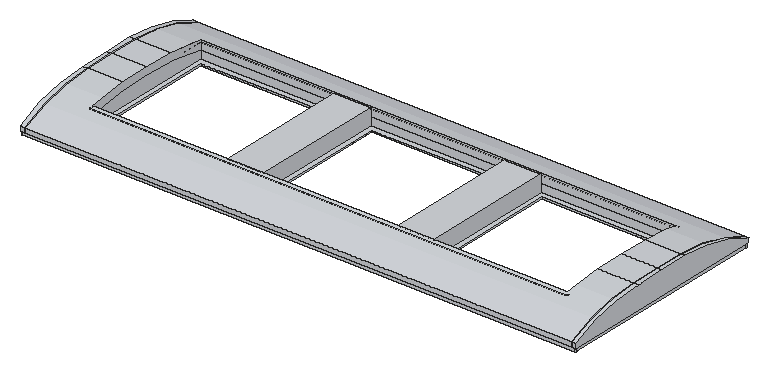
Revit family "Gira_0213761", category Electrical Fixtures, host Face, Revit 2017
Family settings
  Host = Face
  Maintain Annotation Orientation = No
  Round Connector Dimension = Use Diameter
  Part Type = Normal
  Cut with Voids When Loaded = No
  Shared = No
  Room Calculation Point = No
Parameters (values of type "Abdeckrahmen 3f Zwischenr. CW Gira Event Klar Braun")
  Werkstoffgüte = "Thermoplast"
  Werkstoff = "Kunststoff"
  URL = "http://katalog.gira.de/de_DE/datenblatt.html?artikelnr=0213761"
  Transparent = "No"
  Textfeld/Beschriftungsfläche = "No"
  Schutzart (IP) = "IP20"
  Region = "DE"
  Oberfläche = "sonstige"
  Name = "Abdeckrahmen 3f Zwischenr. CW Gira Event Klar Braun"
  Montagerichtung = "horizontal und vertikal"
  Mit Montagerahmen = "No"
  Mit Klappdeckel = "No"
  Manufacturer URL = "https://www.gira.de/"
  Keynote = "Event_Rahmen_3fach"
  HeinzeBIM = "https://bimportal.heinze.de/bim/abdeckrahmen-3f-zwischenr-cw-gira-event-klar-braun/80cfcf48168a577ffca6ca276aa1c33232bf7488"
  Halogenfrei = "Yes"
  HAN = "0213761"
  Geeignet für Unterputz-Installation = "Yes"
  Geeignet für Unterflurkanaldose = "No"
  Geeignet für Geräteeinbaukanal = "No"
  Geeignet für Einbauinstallation = "No"
  GTIN = "4010337069317"
  Farbe = "braun"
  Default Elevation = 1219.2 mm
  Data sheet (1) = "https://katalog.gira.de/de_DE/download.html?artikelnr=0213761"
  Category = "Abdeckrahmen"
  Befestigungsart = "Klemmbefestigung"
  Available = "Yes"
  Ausführung der Oberfläche = "glänzend"
  Anzahl der Einheiten vertikal = "3 "
  Anzahl der Einheiten horizontal = "3 "
  Anzahl der Einheiten = "3 "
Reference planes
  plane 1 "Center (Front/Back)": y = 0
  plane 2: z = 0
  plane 3 "Center (Left/Right)": x = 0
Forms (mm)
  Extrusion 1, solid, detail levels fine
    sketch origin (0, 0, 0.05) x (0, 1, 0) y (0, 0, 1)
      loop
        arc (12.445, 9.683) -> (6.223, 9.833) -> (0, 9.85) r 291.636
        arc (0, 9.85) -> (-6.223, 9.833) -> (-12.445, 9.683) r 291.636
        arc (-12.445, 9.683) -> (-29.14, 7.482) -> (-45, 1.823) r 79.728
        line (-45, 1.823) -> (-45, -0.05) -> (-42.086, -0.05)
        arc (-42.086, -0.05) -> (-21.385, 5.559) -> (0, 7.206) r 114.424
        arc (0, 7.206) -> (21.385, 5.559) -> (42.086, -0.05) r 114.424
        line (42.086, -0.05) -> (45, -0.05) -> (45, 1.823)
        arc (45, 1.823) -> (29.14, 7.482) -> (12.445, 9.683) r 79.728
    from -114.3 to 114.3
  Extrusion 2, void, detail levels fine
    sketch origin (0, 0, 0) x (1, 0, 0) y (0, 1, 0)
      loop
        line (-99.355, -28.053) -> (99.355, -28.053) -> (99.355, 28.053) -> (-99.355, 28.053) -> (-99.355, -28.053)
    from 0.724 to 11
  Extrusion 3, solid, detail levels coarse
    sketch origin (0, 0, 0) x (1, 0, 0) y (0, 1, 0)
      loop
        line (-116.3, 45) -> (-116.3, -45) -> (116.3, -45) -> (116.3, 45) -> (-116.3, 45)
    from -1.5 to 9.9
  Extrusion 4, solid, detail levels medium
    sketch origin (0, 0, 0.05) x (0, 1, 0) y (0, 0, 1)
      loop
        arc (12.445, 9.683) -> (6.223, 9.833) -> (0, 9.85) r 291.636
        arc (0, 9.85) -> (-6.223, 9.833) -> (-12.445, 9.683) r 291.636
        arc (-12.445, 9.683) -> (-29.14, 7.482) -> (-45, 1.823) r 79.728
        line (-45, 1.823) -> (-45, -0.05) -> (45, -0.05) -> (45, 1.823)
        arc (45, 1.823) -> (29.14, 7.482) -> (12.445, 9.683) r 79.728
    from -116.3 to 116.3
  Extrusion 5, solid, detail levels fine
    sketch origin (-71.3, 0, -1.5) x (0, 1, 0) y (0, 0, -1)
      loop
        line (45, -3.373) -> (45, -1.5) -> (-45, -1.5) -> (-45, -3.373)
        arc (-45, -3.373) -> (-29.14, -9.032) -> (-12.445, -11.233) r 79.728
        arc (-12.445, -11.233) -> (-6.223, -11.383) -> (0, -11.4) r 291.636
        arc (0, -11.4) -> (6.223, -11.383) -> (12.445, -11.233) r 291.636
        arc (12.445, -11.233) -> (29.14, -9.032) -> (45, -3.373) r 79.728
    from 43 to 45
  Extrusion 6, solid, detail levels fine
    sketch origin (0, 0, 0) x (1, 0, 0) y (0, 1, 0)
      loop
        line (-97.195, 25.7) -> (-97.195, -25.7) -> (-45.395, -25.7) -> (-45.395, 25.7) -> (-97.195, 25.7)
      loop
        line (25.9, -25.7) -> (25.9, 25.7) -> (-25.9, 25.7) -> (-25.9, -25.7) -> (25.9, -25.7)
      loop
        line (-100.19, 28.49) -> (-100.19, -28.495)
        spline (-100.19, -28.495) -> (-100.181, -28.625) -> (-100.156, -28.754) -> (-100.113, -28.878) -> (-100.056, -28.995) -> (-99.983, -29.104) -> (-99.897, -29.202) -> (-99.798, -29.288) -> (-99.69, -29.361) -> (-99.572, -29.419) -> (-99.448, -29.461) -> (-99.32, -29.486) -> (-99.19, -29.495)
        line (-99.19, -29.495) -> (99.195, -29.495)
        spline (99.195, -29.495) -> (99.325, -29.486) -> (99.454, -29.461) -> (99.578, -29.419) -> (99.695, -29.361) -> (99.804, -29.288) -> (99.902, -29.202) -> (99.988, -29.104) -> (100.061, -28.995) -> (100.119, -28.878) -> (100.161, -28.754) -> (100.186, -28.625) -> (100.195, -28.495)
        line (100.195, -28.495) -> (100.195, 28.49)
        spline (100.195, 28.49) -> (100.186, 28.62) -> (100.161, 28.748) -> (100.119, 28.872) -> (100.061, 28.99) -> (99.988, 29.098) -> (99.902, 29.197) -> (99.804, 29.283) -> (99.695, 29.356) -> (99.578, 29.413) -> (99.454, 29.456) -> (99.325, 29.481) -> (99.195, 29.49)
        line (99.195, 29.49) -> (-99.19, 29.49)
        spline (-99.19, 29.49) -> (-99.32, 29.481) -> (-99.448, 29.456) -> (-99.572, 29.413) -> (-99.69, 29.356) -> (-99.798, 29.283) -> (-99.897, 29.197) -> (-99.983, 29.098) -> (-100.056, 28.99) -> (-100.113, 28.872) -> (-100.156, 28.748) -> (-100.181, 28.62) -> (-100.19, 28.49)
      loop
        line (97.2, -25.7) -> (97.2, 25.7) -> (45.4, 25.7) -> (45.4, -25.7) -> (97.2, -25.7)
    from 0.1 to 7.3
  Extrusion 7, solid
    sketch origin (0, 0, 0) x (1, 0, 0) y (0, 1, 0)
      loop
        arc (-116, -44.2) -> (-115.854, -44.554) -> (-115.5, -44.7) r 0.5
        line (-115.5, -44.7) -> (115.5, -44.7)
        arc (115.5, -44.7) -> (115.854, -44.554) -> (116, -44.2) r 0.5
        line (116, -44.2) -> (116, 44.2)
        arc (116, 44.2) -> (115.854, 44.554) -> (115.5, 44.7) r 0.5
        line (115.5, 44.7) -> (-115.5, 44.7)
        arc (-115.5, 44.7) -> (-115.854, 44.554) -> (-116, 44.2) r 0.5
        line (-116, 44.2) -> (-116, -44.2)
      loop
        line (-114.3, 43) -> (-114.3, -43) -> (114.3, -43) -> (114.3, 43) -> (-114.3, 43)
    from -1.5 to 0.5
  Extrusion 8, solid, detail levels fine
    sketch origin (71.3, 0, -1.5) x (0, 1, 0) y (0, 0, 1)
      loop
        arc (45, 3.373) -> (29.14, 9.032) -> (12.445, 11.233) r 79.728
        arc (12.445, 11.233) -> (6.223, 11.383) -> (0, 11.4) r 291.636
        arc (0, 11.4) -> (-6.223, 11.383) -> (-12.445, 11.233) r 291.636
        arc (-12.445, 11.233) -> (-29.14, 9.032) -> (-45, 3.373) r 79.728
        line (-45, 3.373) -> (-45, 1.5) -> (45, 1.5) -> (45, 3.373)
    from 43 to 45
  Extrusion 9, solid, detail levels medium
    sketch origin (0, 0, 0) x (1, 0, 0) y (0, 1, 0)
      loop
        line (-116, -44.7) -> (116, -44.7) -> (116, 44.7) -> (-116, 44.7) -> (-116, -44.7)
    from -1.5 to 0.5
  Extrusion 10, solid, detail levels fine
    sketch origin (-34.207, 0, 0) x (1, 0, 0) y (0, 1, 0)
      loop
        line (-8.943, 28.063) -> (-8.943, -27.937) -> (6.057, -27.937) -> (6.057, 28.063) -> (-8.943, 28.063)
    from 0.724 to 7.566
  Extrusion 11, solid, detail levels fine
    sketch origin (34.207, 0, 0) x (-1, 0, 0) y (0, -1, 0)
      loop
        line (-8.943, -28.063) -> (6.057, -28.063) -> (6.057, 27.937) -> (-8.943, 27.937) -> (-8.943, -28.063)
    from 0.724 to 7.566
Cuts and joins
  Extrusion 2 cuts Extrusion 1
  Extrusion 2 cuts Extrusion 6
Dimensions and locks
  aligned and locked: plane 2 to host face
  aligned and locked: level to host face
